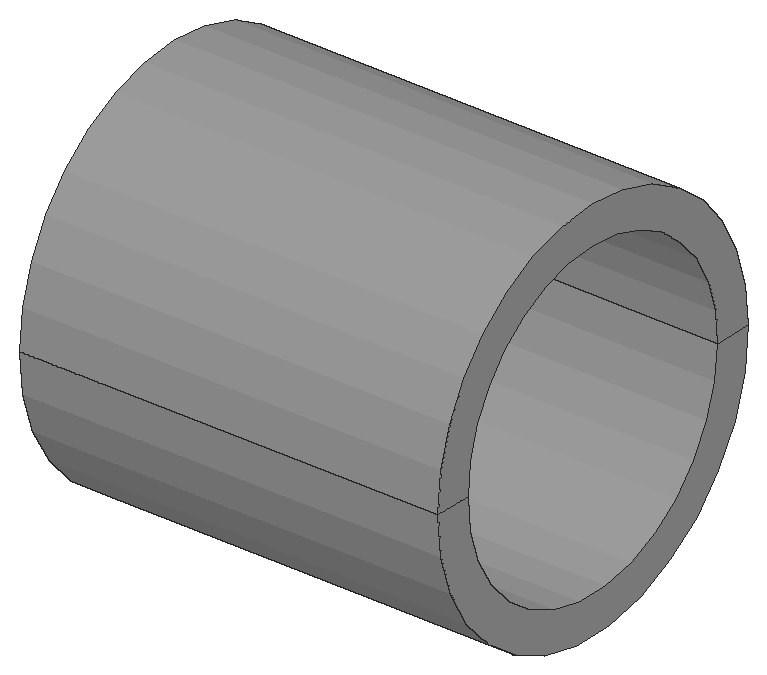
Revit family "Муфта сплинкерного оросителя 2", category Соединительные детали трубопроводов, Revit 2019
Family settings
  Размер круглого соединителя = Использовать диаметр
  Тип детали = Соединительный патрубок - По нормали
  Номер OmniClass = 23.60.30.11.14
  Заголовок OmniClass = Pipework Fittings
  На основе рабочей плоскости = Нет
  Всегда вертикально = Да
  При загрузке вырезать с полостями = Нет
  Общий = Нет
Parameters (values of type "Адаптер")
  built-in parameter 1114215 [instance] = size_lookup(LT, "L1", 0.0000 mm, DN)  # 26 mm
  Производитель телефон = "+7 (925) 188-77-77"  # constant formula
  built-in parameter 1114214 [instance] = size_lookup(LT, "L2", 0.0000 mm, DN)  # 2 mm
  Изготовитель = "ООО \"АЯКС\""
  built-in parameter 1114213 [instance] = size_lookup(LT, "L1", 0.0000 mm, DN)  # 0.085302 (stored number, unit not read)
  URL = "www.ajax-group.ru;"
  T [instance] = size_lookup(LT, "T", 0 mm, DN)  # 3.5 mm
  R [instance] = size_lookup(LT, "R", 0 mm, DN)  # 9.5 mm
  LT = "clutch"  # constant formula
  L [instance] = size_lookup(LT, "L", 0 mm, DN)  # 28 mm
  DN [instance] = ADSK_Диаметр условный  # 15 mm
  B [instance] = size_lookup(LT, "B", 0 mm, DN)  # 1 mm
  ADSK_Обозначение = ""
  ADSK_Наименование краткое = ""
  ADSK_Наименование = "Муфта сплинкерного оросителя"  # constant formula
  ADSK_Масса_Текст [instance] = ""
  ADSK_Масса [instance] = 0
  ADSK_Марка = ""
  ADSK_Количество = 1  # constant formula
  ADSK_Код изделия [instance] = size_lookup(LT, "", "Ошибка", DN)  # "ASTRA15"
  ADSK_Завод-изготовитель = Изготовитель  # "ООО \"АЯКС\""
  ADSK_Единица измерения = "шт."  # constant formula
  ADSK_Диаметр условный [instance] = 15 mm
  ADSK_Версия семейства = "v2"  # constant formula
  ADSK_Версия Revit = "2019"  # constant formula
  A [instance] = size_lookup(LT, "A", 0 mm, DN)  # 16 mm
Reference planes
  plane 1 "По центру (Вперед/Назад)": y = 0
  plane 2: z = 0
  plane 3 "По центру (Влево/Вправо)": x = 0
  plane 4: x = -2
  plane 5: x = 10
  plane 6: x = 26
  plane 7: y = 9.5
  plane 8: y = 13
  plane 9: y = 10.5
Forms (mm)
  Revolve 1, solid, material "Сталь Ст10,Ст20.", detail levels medium+fine
    sketch origin (18, 0, 0) x (1, 0, 0) y (0, 1, 0)
      loop
        line (8, 13) -> (-20, 13) -> (-20, 9.5) -> (-9, 9.5) -> (-9, 10.5) -> (8, 10.5) -> (8, 13)
      axis (-20, 0) -> (8, 0)
    angle from 0 to 360
Lines and regions (mm)
  reference lines
    curve 1: line (0, 0, 0) -> (9, 0, 0)
  model lines, style "PipeFittingCenterLine", detail levels coarse
    curve 2: line (-4, 0, 0) -> (29, 0, 0)
Dimensions and locks
  "built-in parameter 1114215": plane 3 "По центру (Влево/Вправо)" to plane 6  (x2)
  "built-in parameter 1114214": plane 4 to plane 3 "По центру (Влево/Вправо)"
  "A": plane 5 to plane 6
  "T": plane 8 to plane 7
  "B": plane 9 to plane 7
  "R": plane 1 "По центру (Вперед/Назад)" to plane 7
  aligned and locked: level to plane 2
  aligned and locked: plane 1 "По центру (Вперед/Назад)" to curve 1
  aligned and locked: curve 2 to curve 1
  aligned and locked: Revolve 1 sketch curve to plane 7
  aligned and locked: plane 8 to Revolve 1 sketch curve
  aligned and locked: Revolve 1 to curve 1
Automatic sketch dimensions
  curve 1 to plane 3 "По центру (Влево/Вправо)" = 0 mm
  curve 2 to plane 3 "По центру (Влево/Вправо)" = 4 mm
  plane 3 "По центру (Влево/Вправо)" to curve 2 = 29 mm
  plane 3 "По центру (Влево/Вправо)" to curve 1 = 9 mm
  Revolve 1 sketch curve to plane 4 = 0 mm
  plane 1 "По центру (Вперед/Назад)" to Revolve 1 sketch curve = 0 mm
  Revolve 1 sketch curve to plane 3 "По центру (Влево/Вправо)" = 0 mm
  Revolve 1 sketch curve to plane 5 = 1 mm
  Revolve 1 sketch curve to plane 6 = 0 mm
  Revolve 1 sketch curve to plane 9 = 0 mm
  plane 5 to Revolve 1 sketch curve = 3 mm
Connectors
  piping at (9, 0, 0), diameter 15, driven by "DN"
    settings: on curve 1, index 1, connector inside diameter 609.6 mm, connector length 0 mm, flow factor 0, pipe flow 0.0 L/s, pressure drop 0.0 Pa, fitting loss kfactor 0, connector angle 0.00°, fixture units 0, engagement length 0 mm, angle of deflection 0.00°, flow configuration 0, flow direction 0, fitting loss method 0, system type 28, joint type 0, gender type 0, connector reference index 2, connector utility 0, adjustable connector no, is connector primary no, connector description ""
  piping at (0, 0, 0), diameter 15, driven by "DN"
    settings: on curve 1, index 2, connector inside diameter 609.6 mm, connector length 0 mm, flow factor 0, pipe flow 0.0 L/s, pressure drop 0.0 Pa, fitting loss kfactor 0, connector angle 0.00°, fixture units 0, engagement length 0 mm, angle of deflection 0.00°, flow configuration 0, flow direction 0, fitting loss method 0, system type 28, joint type 0, gender type 0, connector reference index 1, connector utility 0, adjustable connector no, is connector primary yes, connector description ""
